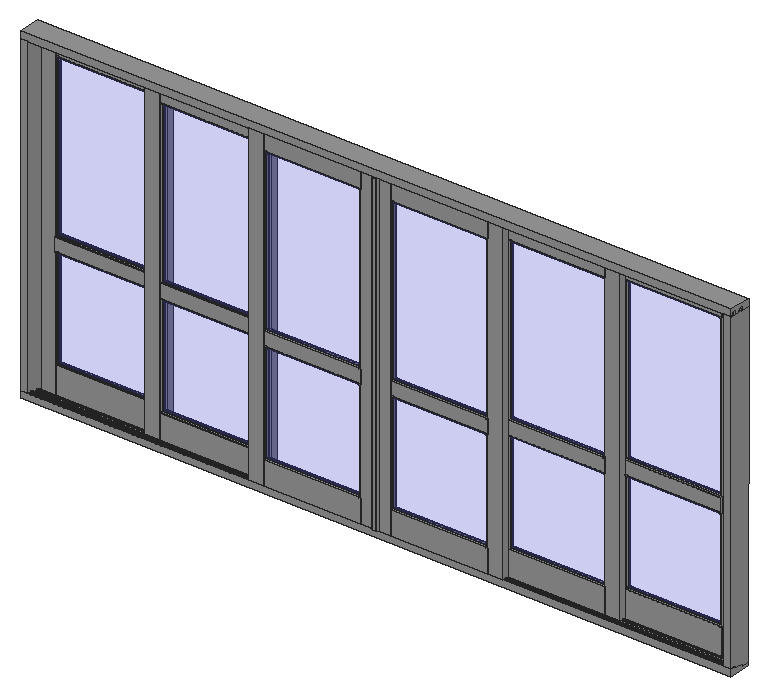
Revit family "VSD4.6G2COTS", category Doors, host Wall, Revit 2015
Parameters (values of type "VSD4.6G2COTS")
  Function = Interior
  Frame Projection Ext. = 25 mm
  Frame Projection Int. = 25 mm
  Frame Width = 75 mm
  Height = 2100 mm
  Wall Closure = By host
  Width = 4530 mm
Reference planes
  plane 1: y = 0
  plane 2 "Center (Left/Right)": x = 0
  plane 3 "Left": x = -2265
  plane 4 "Right": x = 2265
  plane 5: z = 2100
  plane 6 "Exterior": y = 75
  plane 7 "Interior": y = -75
  plane 8: x = 2115
  plane 9: x = 2220
  plane 10: x = 1515
  plane 11: x = 1410
  plane 12: x = 105
  plane 13: x = 0
  plane 14: x = 1410
  plane 15: x = 1515
  plane 16: x = 705
  plane 17: x = 810
  plane 18: x = 810
  plane 19: x = 705
  plane 20: x = -2115
  plane 21: x = -2220
  plane 22: x = -1515
  plane 23: x = -1410
  plane 24: x = -105
  plane 25: x = 0
  plane 26: x = -1410
  plane 27: x = -1515
  plane 28: x = -705
  plane 29: x = -810
  plane 30: x = -810
  plane 31: x = -705
Forms (mm)
  Extrusion 1, solid, material "Lauan, Meranti"
    sketch origin (0, 79.18, -119.746) x (0, 1, 0) y (0, 0, 1)
      loop
        line (-149.18, 119.746) -> (-9.18, 119.746) -> (-9.18, 140.746) -> (-61.18, 140.746) -> (-61.18, 151.746) -> (-85.18, 151.746) -> (-85.18, 152.746) -> (-117.18, 152.746) -> (-117.18, 163.746) -> (-141.18, 163.746) -> (-141.18, 164.746) -> (-149.18, 164.746) -> (-149.18, 119.746)
    from -2265 to 2265
  Extrusion 2, solid, material "Lauan, Meranti"
    sketch origin (0, 0, 0) x (0, 1, 0) y (0, 0, 1)
      loop
        line (70, 2100) -> (-70, 2100) -> (-70, 2055) -> (-61, 2055) -> (-61, 2075) -> (-39, 2075) -> (-39, 2055) -> (-5, 2055) -> (-5, 2075) -> (17, 2075) -> (17, 2055) -> (70, 2055) -> (70, 2100)
    from -2265 to 2265
  Extrusion 3, solid, material "Lauan, Meranti"
    sketch origin (0, 0, 0) x (1, 0, 0) y (0, 1, 0)
      loop
        line (-2265, 70) -> (-2265, -70) -> (-2220, -70) -> (-2220, 50) -> (-2222, 50) -> (-2222, 70) -> (-2265, 70)
      loop
        line (2265, 70) -> (2222, 70) -> (2222, 50) -> (2220, 50) -> (2220, -70) -> (2265, -70) -> (2265, 70)
    from 45 to 2055
  Extrusion 4, solid, material "Lauan, Meranti"
    sketch origin (0, 0, 0) x (1, 0, 0) y (0, 1, 0)
      loop
        line (-2220, 50) -> (-2222, 50) -> (-2222, 70) -> (-2265, 70) -> (-2265, -38) -> (-2220, -38) -> (-2220, 50)
      loop
        line (2220, 50) -> (2220, -38) -> (2265, -38) -> (2265, 70) -> (2222, 70) -> (2222, 50) -> (2220, 50)
    from 33 to 45
  Extrusion 5, solid, material "Steel, Chrome Plated"
    sketch origin (0, 0, 0) x (0, 1, 0) y (0, 0, 1)
      loop
        line (-38, 45) -> (-49, 45) -> (-49, 46.882)
        arc (-49, 46.882) -> (-50, 49.5) -> (-51, 46.882) r 1.5
        line (-51, 46.882) -> (-51, 45) -> (-62, 45) -> (-62, 44) -> (-38, 44) -> (-38, 45)
    from -2265 to 2265
  Extrusion 6, solid, material "Lauan, Meranti"
    sketch origin (0, 0, 0) x (1, 0, 0) y (0, 1, 0)
      loop
        line (-2265, 70) -> (-2265, 18) -> (-2220, 18) -> (-2220, 50) -> (-2222, 50) -> (-2222, 70) -> (-2265, 70)
      loop
        line (2265, 70) -> (2222, 70) -> (2222, 50) -> (2220, 50) -> (2220, 18) -> (2265, 18) -> (2265, 70)
    from 21 to 33
  Extrusion 7, solid, material "Steel, Chrome Plated"
    sketch origin (0, 0, 0) x (0, 1, 0) y (0, 0, 1)
      loop
        line (16.5, 2075) -> (-4.5, 2075) -> (-4.5, 2055) -> (-2.3, 2055) -> (-2.3, 2072.8) -> (14.3, 2072.8) -> (14.3, 2055) -> (16.5, 2055) -> (16.5, 2075)
    from -2265 to 2265
  Extrusion 8, solid, material "Steel, Chrome Plated"
    sketch origin (0, -56, 0) x (0, 1, 0) y (0, 0, 1)
      loop
        line (16.5, 2075) -> (-4.5, 2075) -> (-4.5, 2055) -> (-2.3, 2055) -> (-2.3, 2072.8) -> (14.3, 2072.8) -> (14.3, 2055) -> (16.5, 2055) -> (16.5, 2075)
    from -2265 to 2265
  Extrusion 9, solid, material "Steel, Chrome Plated"
    sketch origin (900, 56, -12) x (0, 1, 0) y (0, 0, 1)
      loop
        line (-38, 45) -> (-49, 45) -> (-49, 46.882)
        arc (-49, 46.882) -> (-50, 49.5) -> (-51, 46.882) r 1.5
        line (-51, 46.882) -> (-51, 45) -> (-62, 45) -> (-62, 44) -> (-38, 44) -> (-38, 45)
    from -195 to 1320
  Extrusion 10, solid, material "Lauan, Meranti"
    sketch origin (900, 0, 0) x (1, 0, 0) y (0, 1, 0)
      loop
        line (-804, -70) -> (-804, -68)
        arc (-804, -68) -> (-799.265, -66.44) -> (-797, -62) r 6.549
        line (-797, -62) -> (-795, -62) -> (-795, -60) -> (-804, -60) -> (-804, -30) -> (-900, -30) -> (-900, -70) -> (-804, -70)
      loop
        line (-186, -70) -> (-90, -70) -> (-90, -30) -> (-186, -30) -> (-186, -60) -> (-195, -60) -> (-195, -62) -> (-193, -62)
        arc (-193, -62) -> (-190.735, -66.44) -> (-186, -68) r 6.549
        line (-186, -68) -> (-186, -70)
    from 45 to 2055
  Extrusion 11, solid, material "Lauan, Meranti"
    sketch origin (2530, 104, 0) x (1, 0, 0) y (0, 1, 0)
      loop
        line (-406, -70) -> (-310, -70) -> (-310, -30) -> (-406, -30) -> (-406, -60) -> (-415, -60) -> (-415, -62) -> (-413, -62)
        arc (-413, -62) -> (-410.735, -66.44) -> (-406, -68) r 6.549
        line (-406, -68) -> (-406, -70)
      loop
        line (-1024, -70) -> (-1024, -68)
        arc (-1024, -68) -> (-1019.265, -66.44) -> (-1017, -62) r 6.549
        line (-1017, -62) -> (-1015, -62) -> (-1015, -60) -> (-1024, -60) -> (-1024, -30) -> (-1120, -30) -> (-1120, -70) -> (-1024, -70)
    from 21 to 2055
  Extrusion 12, solid, material "Lauan, Meranti"
    sketch origin (1715, 56, 0) x (1, 0, 0) y (0, 1, 0)
      loop
        line (-296, -70) -> (-200, -70) -> (-200, -30) -> (-296, -30) -> (-296, -60) -> (-305, -60) -> (-305, -62) -> (-303, -62)
        arc (-303, -62) -> (-300.735, -66.44) -> (-296, -68) r 6.549
        line (-296, -68) -> (-296, -70)
      loop
        line (-914, -70) -> (-914, -68)
        arc (-914, -68) -> (-909.265, -66.44) -> (-907, -62) r 6.549
        line (-907, -62) -> (-905, -62) -> (-905, -60) -> (-914, -60) -> (-914, -30) -> (-1010, -30) -> (-1010, -70) -> (-914, -70)
    from 33 to 2055
  Extrusion 13, solid, material "Steel, Chrome Plated"
    sketch origin (-900, 56, -12) x (0, 1, 0) y (0, 0, -1)
      loop
        line (-38, -45) -> (-38, -44) -> (-62, -44) -> (-62, -45) -> (-51, -45) -> (-51, -46.882)
        arc (-51, -46.882) -> (-50, -49.5) -> (-49, -46.882) r 1.5
        line (-49, -46.882) -> (-49, -45) -> (-38, -45)
    from -195 to 1320
  Extrusion 14, solid, material "Lauan, Meranti"
    sketch origin (-900, 0, 0) x (-1, 0, 0) y (0, -1, 0)
      loop
        line (-804, 70) -> (-900, 70) -> (-900, 30) -> (-804, 30) -> (-804, 60) -> (-795, 60) -> (-795, 62) -> (-797, 62)
        arc (-797, 62) -> (-799.265, 66.44) -> (-804, 68) r 6.549
        line (-804, 68) -> (-804, 70)
      loop
        line (-186, 70) -> (-186, 68)
        arc (-186, 68) -> (-190.735, 66.44) -> (-193, 62) r 6.549
        line (-193, 62) -> (-195, 62) -> (-195, 60) -> (-186, 60) -> (-186, 30) -> (-90, 30) -> (-90, 70) -> (-186, 70)
    from 45 to 2055
  Extrusion 15, solid, material "Lauan, Meranti"
    sketch origin (-2530, 104, 0) x (-1, 0, 0) y (0, -1, 0)
      loop
        line (-406, 70) -> (-406, 68)
        arc (-406, 68) -> (-410.735, 66.44) -> (-413, 62) r 6.549
        line (-413, 62) -> (-415, 62) -> (-415, 60) -> (-406, 60) -> (-406, 30) -> (-310, 30) -> (-310, 70) -> (-406, 70)
      loop
        line (-1024, 70) -> (-1120, 70) -> (-1120, 30) -> (-1024, 30) -> (-1024, 60) -> (-1015, 60) -> (-1015, 62) -> (-1017, 62)
        arc (-1017, 62) -> (-1019.265, 66.44) -> (-1024, 68) r 6.549
        line (-1024, 68) -> (-1024, 70)
    from 21 to 2055
  Extrusion 16, solid, material "Lauan, Meranti"
    sketch origin (-1715, 56, 0) x (-1, 0, 0) y (0, -1, 0)
      loop
        line (-296, 70) -> (-296, 68)
        arc (-296, 68) -> (-300.735, 66.44) -> (-303, 62) r 6.549
        line (-303, 62) -> (-305, 62) -> (-305, 60) -> (-296, 60) -> (-296, 30) -> (-200, 30) -> (-200, 70) -> (-296, 70)
      loop
        line (-914, 70) -> (-1010, 70) -> (-1010, 30) -> (-914, 30) -> (-914, 60) -> (-905, 60) -> (-905, 62) -> (-907, 62)
        arc (-907, 62) -> (-909.265, 66.44) -> (-914, 68) r 6.549
        line (-914, 68) -> (-914, 70)
    from 33 to 2055
  Extrusion 17, solid, material "Lauan, Meranti"
    sketch origin (4059.03, -54.5, 6) x (1, 0, 0) y (0, 1, 0)
      loop
        line (-4071.03, -25.5) -> (-4047.03, -25.5) -> (-4047.03, -23.5)
        arc (-4047.03, -23.5) -> (-4041.373, -21.157) -> (-4039.03, -15.5) r 8
        line (-4039.03, -15.5) -> (-4079.03, -15.5)
        arc (-4079.03, -15.5) -> (-4076.687, -21.157) -> (-4071.03, -23.5) r 8
        line (-4071.03, -23.5) -> (-4071.03, -25.5)
      loop
        line (-4071.03, 34.5) -> (-4071.03, 32.5)
        arc (-4071.03, 32.5) -> (-4076.687, 30.157) -> (-4079.03, 24.5) r 8
        line (-4079.03, 24.5) -> (-4039.03, 24.5)
        arc (-4039.03, 24.5) -> (-4041.373, 30.157) -> (-4047.03, 32.5) r 8
        line (-4047.03, 32.5) -> (-4047.03, 34.5) -> (-4071.03, 34.5)
    from 39 to 2049
  Extrusion 18, solid, material "Lauan, Meranti"
    sketch origin (-2185.468, 46.5, 0) x (0, 1, 0) y (0, 0, -1)
      loop
        arc (-4.5, -1952) -> (-8.866, -1954.33) -> (-10.5, -1959) r 6.807
        line (-10.5, -1959) -> (-12.5, -1959) -> (-12.5, -2055) -> (27.5, -2055) -> (27.5, -1959) -> (-2.5, -1959) -> (-2.5, -1950) -> (-4.5, -1950) -> (-4.5, -1952)
      loop
        line (-12.5, -192) -> (-10.5, -192)
        arc (-10.5, -192) -> (-8.866, -196.67) -> (-4.5, -199) r 6.807
        line (-4.5, -199) -> (-4.5, -201) -> (-2.5, -201) -> (-2.5, -192) -> (27.5, -192) -> (27.5, -21) -> (-12.5, -21) -> (-12.5, -192)
      loop
        line (-5.5, -930) -> (24.5, -930) -> (24.5, -843) -> (-5.5, -843) -> (-5.5, -834) -> (-7.5, -834) -> (-7.5, -836)
        arc (-7.5, -836) -> (-11.866, -838.33) -> (-13.5, -843) r 6.807
        line (-13.5, -843) -> (-15.5, -843) -> (-15.5, -930) -> (-13.5, -930)
        arc (-13.5, -930) -> (-11.866, -934.67) -> (-7.5, -937) r 6.807
        line (-7.5, -937) -> (-7.5, -939) -> (-5.5, -939) -> (-5.5, -930)
    from -679.468 to -61.468
  Sweep 19, solid, material "Lauan, Meranti"
    path origin (-1341.541, -71.95, -1407.63) x (-1, 0, 0) y (0, 0, -1)
      loop
        line (164.459, -3366.63) -> (782.459, -3366.63) -> (782.459, -2337.63) -> (164.459, -2337.63) -> (164.459, -3366.63)
    profile origin (-1815, -71.95, 1959) x (0, 0, -1) y (0, -1, 0)
      loop
        line (9, -124.5) -> (0, -124.5) -> (0, -132.5)
        arc (0, -132.5) -> (4.67, -130.866) -> (7, -126.5) r 6.807
        line (7, -126.5) -> (9, -126.5) -> (9, -124.5)
  Extrusion 20, solid, material "Glass"
    sketch origin (-1636.517, -61, -241.167) x (-1, 0, 0) y (0, 0, -1)
      loop
        line (-130.517, -2200.167) -> (487.483, -2200.167) -> (487.483, -1171.167) -> (-130.517, -1171.167) -> (-130.517, -2200.167)
      loop
        line (-130.517, -1084.167) -> (487.483, -1084.167) -> (487.483, -433.167) -> (-130.517, -433.167) -> (-130.517, -1084.167)
    from -112.5 to -106.1
  Sweep 21, solid, material "Lauan, Meranti"
    path origin (-1341.541, -71.95, -2523.63) x (-1, 0, 0) y (0, 0, -1)
      loop
        line (164.459, -3366.63) -> (782.459, -3366.63) -> (782.459, -2715.63) -> (164.459, -2715.63) -> (164.459, -3366.63)
    profile origin (-1815, -71.95, 843) x (0, 0, -1) y (0, -1, 0)
      loop
        line (9, -124.5) -> (0, -124.5) -> (0, -132.5)
        arc (0, -132.5) -> (4.67, -130.866) -> (7, -126.5) r 6.807
        line (7, -126.5) -> (9, -126.5) -> (9, -124.5)
  Extrusion 22, solid, material "Lauan, Meranti"
    sketch origin (-1315.468, 46.5, 0) x (0, 1, 0) y (0, 0, -1)
      loop
        arc (-52.5, -1952) -> (-56.866, -1954.33) -> (-58.5, -1959) r 6.807
        line (-58.5, -1959) -> (-60.5, -1959) -> (-60.5, -2055) -> (-20.5, -2055) -> (-20.5, -1959) -> (-50.5, -1959) -> (-50.5, -1950) -> (-52.5, -1950) -> (-52.5, -1952)
      loop
        line (-60.5, -192) -> (-58.5, -192)
        arc (-58.5, -192) -> (-56.866, -196.67) -> (-52.5, -199) r 6.807
        line (-52.5, -199) -> (-52.5, -201) -> (-50.5, -201) -> (-50.5, -192) -> (-20.5, -192) -> (-20.5, -33) -> (-60.5, -33) -> (-60.5, -192)
      loop
        line (-52, -930) -> (-22, -930) -> (-22, -843) -> (-52, -843) -> (-52, -834) -> (-54, -834) -> (-54, -836)
        arc (-54, -836) -> (-58.366, -838.33) -> (-60, -843) r 6.807
        line (-60, -843) -> (-62, -843) -> (-62, -930) -> (-60, -930)
        arc (-60, -930) -> (-58.366, -934.67) -> (-54, -937) r 6.807
        line (-54, -937) -> (-54, -939) -> (-52, -939) -> (-52, -930)
    from -514.468 to 103.532
  Sweep 23, solid, material "Lauan, Meranti"
    path origin (-636.531, -119.95, -1407.63) x (-1, 0, 0) y (0, 0, -1)
      loop
        line (164.469, -3366.63) -> (782.459, -3366.63) -> (782.459, -2337.63) -> (164.469, -2337.63) -> (164.469, -3366.63)
    profile origin (-1109.995, -119.95, 1959) x (0, 0, -1) y (0, -1, 0)
      loop
        line (9, -124.5) -> (0, -124.5) -> (0, -132.5)
        arc (0, -132.5) -> (4.67, -130.866) -> (7, -126.5) r 6.807
        line (7, -126.5) -> (9, -126.5) -> (9, -124.5)
  Extrusion 24, solid, material "Glass"
    sketch origin (-931.507, -109, -241.167) x (-1, 0, 0) y (0, 0, -1)
      loop
        line (-130.507, -2200.167) -> (487.483, -2200.167) -> (487.483, -1171.167) -> (-130.507, -1171.167) -> (-130.507, -2200.167)
      loop
        line (-130.507, -1084.167) -> (487.483, -1084.167) -> (487.483, -433.508) -> (-130.507, -433.508) -> (-130.507, -1084.167)
    from -112.5 to -106.1
  Sweep 25, solid, material "Lauan, Meranti"
    path origin (-636.531, -119.95, -2523.63) x (-1, 0, 0) y (0, 0, -1)
      loop
        line (164.469, -3366.63) -> (782.459, -3366.63) -> (782.459, -2715.63) -> (164.469, -2715.63) -> (164.469, -3366.63)
    profile origin (-1109.995, -119.95, 843) x (0, 0, -1) y (0, -1, 0)
      loop
        line (9, -124.5) -> (0, -124.5) -> (0, -132.5)
        arc (0, -132.5) -> (4.67, -130.866) -> (7, -126.5) r 6.807
        line (7, -126.5) -> (9, -126.5) -> (9, -124.5)
  Extrusion 26, solid, material "Lauan, Meranti"
    sketch origin (-505.468, 46.5, 0) x (0, 1, 0) y (0, 0, -1)
      loop
        arc (-108.5, -1952) -> (-112.866, -1954.33) -> (-114.5, -1959) r 6.807
        line (-114.5, -1959) -> (-116.5, -1959) -> (-116.5, -2055) -> (-76.5, -2055) -> (-76.5, -1959) -> (-106.5, -1959) -> (-106.5, -1950) -> (-108.5, -1950) -> (-108.5, -1952)
      loop
        line (-116.5, -192) -> (-114.5, -192)
        arc (-114.5, -192) -> (-112.866, -196.67) -> (-108.5, -199) r 6.807
        line (-108.5, -199) -> (-108.5, -201) -> (-106.5, -201) -> (-106.5, -192) -> (-76.5, -192) -> (-76.5, -45) -> (-116.5, -45) -> (-116.5, -192)
      loop
        line (-76.5, -930) -> (-76.5, -843) -> (-106.5, -843) -> (-106.5, -834) -> (-108.5, -834) -> (-108.5, -836)
        arc (-108.5, -836) -> (-112.866, -838.33) -> (-114.5, -843) r 6.807
        line (-114.5, -843) -> (-116.5, -843) -> (-116.5, -930) -> (-114.5, -930)
        arc (-114.5, -930) -> (-112.866, -934.67) -> (-108.5, -937) r 6.807
        line (-108.5, -937) -> (-108.5, -939) -> (-106.5, -939) -> (-106.5, -930) -> (-76.5, -930)
    from -409.468 to 208.532
  Sweep 27, solid, material "Lauan, Meranti"
    path origin (68.469, -175.95, -1407.63) x (-1, 0, 0) y (0, 0, -1)
      loop
        line (164.469, -3366.63) -> (782.459, -3366.63) -> (782.459, -2337.63) -> (164.469, -2337.63) -> (164.469, -3366.63)
    profile origin (-404.995, -175.95, 1959) x (0, 0, -1) y (0, -1, 0)
      loop
        line (9, -124.5) -> (0, -124.5) -> (0, -132.5)
        arc (0, -132.5) -> (4.67, -130.866) -> (7, -126.5) r 6.807
        line (7, -126.5) -> (9, -126.5) -> (9, -124.5)
  Extrusion 28, solid, material "Glass"
    sketch origin (-226.507, -165, -241.167) x (-1, 0, 0) y (0, 0, -1)
      loop
        line (-130.507, -2200.167) -> (487.483, -2200.167) -> (487.483, -1171.167) -> (-130.507, -1171.167) -> (-130.507, -2200.167)
      loop
        line (-130.507, -1084.167) -> (487.483, -1084.167) -> (487.483, -431.005) -> (-130.507, -431.005) -> (-130.507, -1084.167)
    from -112.5 to -106.1
  Sweep 29, solid, material "Lauan, Meranti"
    path origin (68.469, -175.95, -2523.63) x (-1, 0, 0) y (0, 0, -1)
      loop
        line (164.469, -3366.63) -> (782.459, -3366.63) -> (782.459, -2715.63) -> (164.469, -2715.63) -> (164.469, -3366.63)
    profile origin (-404.995, -175.95, 843) x (0, 0, -1) y (0, -1, 0)
      loop
        line (9, -124.5) -> (0, -124.5) -> (0, -132.5)
        arc (0, -132.5) -> (4.67, -130.866) -> (7, -126.5) r 6.807
        line (7, -126.5) -> (9, -126.5) -> (9, -124.5)
  Extrusion 30, solid, material "Lauan, Meranti"
    sketch origin (2185.468, 46.5, 0) x (0, 1, 0) y (0, 0, 1)
      loop
        line (-4.5, 1952) -> (-4.5, 1950) -> (-2.5, 1950) -> (-2.5, 1959) -> (27.5, 1959) -> (27.5, 2055) -> (-12.5, 2055) -> (-12.5, 1959) -> (-10.5, 1959)
        arc (-10.5, 1959) -> (-8.866, 1954.33) -> (-4.5, 1952) r 6.807
      loop
        line (-12.5, 192) -> (-12.5, 21) -> (27.5, 21) -> (27.5, 192) -> (-2.5, 192) -> (-2.5, 201) -> (-4.5, 201) -> (-4.5, 199)
        arc (-4.5, 199) -> (-8.866, 196.67) -> (-10.5, 192) r 6.807
        line (-10.5, 192) -> (-12.5, 192)
      loop
        line (-5.5, 930) -> (-5.5, 939) -> (-7.5, 939) -> (-7.5, 937)
        arc (-7.5, 937) -> (-11.866, 934.67) -> (-13.5, 930) r 6.807
        line (-13.5, 930) -> (-15.5, 930) -> (-15.5, 843) -> (-13.5, 843)
        arc (-13.5, 843) -> (-11.866, 838.33) -> (-7.5, 836) r 6.807
        line (-7.5, 836) -> (-7.5, 834) -> (-5.5, 834) -> (-5.5, 843) -> (24.5, 843) -> (24.5, 930) -> (-5.5, 930)
    from -679.468 to -61.468
  Sweep 31, solid, material "Lauan, Meranti"
    path origin (1341.541, -71.95, -1407.63) x (1, 0, 0) y (0, 0, 1)
      loop
        line (164.459, 3366.63) -> (164.459, 2337.63) -> (782.459, 2337.63) -> (782.459, 3366.63) -> (164.459, 3366.63)
    profile origin (1815, -71.95, 1959) x (0, 0, 1) y (0, -1, 0)
      loop
        line (-9, -124.5) -> (-9, -126.5) -> (-7, -126.5)
        arc (-7, -126.5) -> (-4.67, -130.866) -> (0, -132.5) r 6.807
        line (0, -132.5) -> (0, -124.5) -> (-9, -124.5)
  Extrusion 32, solid, material "Glass"
    sketch origin (1636.517, -61, -241.167) x (1, 0, 0) y (0, 0, 1)
      loop
        line (-130.517, 2200.167) -> (-130.517, 1171.167) -> (487.483, 1171.167) -> (487.483, 2200.167) -> (-130.517, 2200.167)
      loop
        line (-130.517, 1084.167) -> (-130.517, 433.167) -> (487.483, 433.167) -> (487.483, 1084.167) -> (-130.517, 1084.167)
    from -112.5 to -106.1
  Sweep 33, solid, material "Lauan, Meranti"
    path origin (1341.541, -71.95, -2523.63) x (1, 0, 0) y (0, 0, 1)
      loop
        line (164.459, 3366.63) -> (164.459, 2715.63) -> (782.459, 2715.63) -> (782.459, 3366.63) -> (164.459, 3366.63)
    profile origin (1815, -71.95, 843) x (0, 0, 1) y (0, -1, 0)
      loop
        line (-9, -124.5) -> (-9, -126.5) -> (-7, -126.5)
        arc (-7, -126.5) -> (-4.67, -130.866) -> (0, -132.5) r 6.807
        line (0, -132.5) -> (0, -124.5) -> (-9, -124.5)
  Extrusion 34, solid, material "Lauan, Meranti"
    sketch origin (1315.468, 46.5, 0) x (0, 1, 0) y (0, 0, 1)
      loop
        line (-52.5, 1952) -> (-52.5, 1950) -> (-50.5, 1950) -> (-50.5, 1959) -> (-20.5, 1959) -> (-20.5, 2055) -> (-60.5, 2055) -> (-60.5, 1959) -> (-58.5, 1959)
        arc (-58.5, 1959) -> (-56.866, 1954.33) -> (-52.5, 1952) r 6.807
      loop
        line (-60.5, 192) -> (-60.5, 33) -> (-20.5, 33) -> (-20.5, 192) -> (-50.5, 192) -> (-50.5, 201) -> (-52.5, 201) -> (-52.5, 199)
        arc (-52.5, 199) -> (-56.866, 196.67) -> (-58.5, 192) r 6.807
        line (-58.5, 192) -> (-60.5, 192)
      loop
        line (-52, 930) -> (-52, 939) -> (-54, 939) -> (-54, 937)
        arc (-54, 937) -> (-58.366, 934.67) -> (-60, 930) r 6.807
        line (-60, 930) -> (-62, 930) -> (-62, 843) -> (-60, 843)
        arc (-60, 843) -> (-58.366, 838.33) -> (-54, 836) r 6.807
        line (-54, 836) -> (-54, 834) -> (-52, 834) -> (-52, 843) -> (-22, 843) -> (-22, 930) -> (-52, 930)
    from -514.468 to 103.532
  Sweep 35, solid, material "Lauan, Meranti"
    path origin (636.531, -119.95, -1407.63) x (1, 0, 0) y (0, 0, 1)
      loop
        line (164.469, 3366.63) -> (164.469, 2337.63) -> (782.459, 2337.63) -> (782.459, 3366.63) -> (164.469, 3366.63)
    profile origin (1109.995, -119.95, 1959) x (0, 0, 1) y (0, -1, 0)
      loop
        line (-9, -124.5) -> (-9, -126.5) -> (-7, -126.5)
        arc (-7, -126.5) -> (-4.67, -130.866) -> (0, -132.5) r 6.807
        line (0, -132.5) -> (0, -124.5) -> (-9, -124.5)
  Extrusion 36, solid, material "Glass"
    sketch origin (931.507, -109, -241.167) x (1, 0, 0) y (0, 0, 1)
      loop
        line (-130.507, 2200.167) -> (-130.507, 1171.167) -> (487.483, 1171.167) -> (487.483, 2200.167) -> (-130.507, 2200.167)
      loop
        line (-130.507, 1084.167) -> (-130.507, 433.508) -> (487.483, 433.508) -> (487.483, 1084.167) -> (-130.507, 1084.167)
    from -112.5 to -106.1
  Sweep 37, solid, material "Lauan, Meranti"
    path origin (636.531, -119.95, -2523.63) x (1, 0, 0) y (0, 0, 1)
      loop
        line (164.469, 3366.63) -> (164.469, 2715.63) -> (782.459, 2715.63) -> (782.459, 3366.63) -> (164.469, 3366.63)
    profile origin (1109.995, -119.95, 843) x (0, 0, 1) y (0, -1, 0)
      loop
        line (-9, -124.5) -> (-9, -126.5) -> (-7, -126.5)
        arc (-7, -126.5) -> (-4.67, -130.866) -> (0, -132.5) r 6.807
        line (0, -132.5) -> (0, -124.5) -> (-9, -124.5)
  Extrusion 38, solid, material "Lauan, Meranti"
    sketch origin (505.468, 46.5, 0) x (0, 1, 0) y (0, 0, 1)
      loop
        line (-108.5, 1952) -> (-108.5, 1950) -> (-106.5, 1950) -> (-106.5, 1959) -> (-76.5, 1959) -> (-76.5, 2055) -> (-116.5, 2055) -> (-116.5, 1959) -> (-114.5, 1959)
        arc (-114.5, 1959) -> (-112.866, 1954.33) -> (-108.5, 1952) r 6.807
      loop
        line (-116.5, 192) -> (-116.5, 45) -> (-76.5, 45) -> (-76.5, 192) -> (-106.5, 192) -> (-106.5, 201) -> (-108.5, 201) -> (-108.5, 199)
        arc (-108.5, 199) -> (-112.866, 196.67) -> (-114.5, 192) r 6.807
        line (-114.5, 192) -> (-116.5, 192)
      loop
        line (-76.5, 930) -> (-106.5, 930) -> (-106.5, 939) -> (-108.5, 939) -> (-108.5, 937)
        arc (-108.5, 937) -> (-112.866, 934.67) -> (-114.5, 930) r 6.807
        line (-114.5, 930) -> (-116.5, 930) -> (-116.5, 843) -> (-114.5, 843)
        arc (-114.5, 843) -> (-112.866, 838.33) -> (-108.5, 836) r 6.807
        line (-108.5, 836) -> (-108.5, 834) -> (-106.5, 834) -> (-106.5, 843) -> (-76.5, 843) -> (-76.5, 930)
    from -409.468 to 208.532
  Sweep 39, solid, material "Lauan, Meranti"
    path origin (-68.469, -175.95, -1407.63) x (1, 0, 0) y (0, 0, 1)
      loop
        line (164.469, 3366.63) -> (164.469, 2337.63) -> (782.459, 2337.63) -> (782.459, 3366.63) -> (164.469, 3366.63)
    profile origin (404.995, -175.95, 1959) x (0, 0, 1) y (0, -1, 0)
      loop
        line (-9, -124.5) -> (-9, -126.5) -> (-7, -126.5)
        arc (-7, -126.5) -> (-4.67, -130.866) -> (0, -132.5) r 6.807
        line (0, -132.5) -> (0, -124.5) -> (-9, -124.5)
  Extrusion 40, solid, material "Glass"
    sketch origin (226.507, -165, -241.167) x (1, 0, 0) y (0, 0, 1)
      loop
        line (-130.507, 2200.167) -> (-130.507, 1171.167) -> (487.483, 1171.167) -> (487.483, 2200.167) -> (-130.507, 2200.167)
      loop
        line (-130.507, 1084.167) -> (-130.507, 431.005) -> (487.483, 431.005) -> (487.483, 1084.167) -> (-130.507, 1084.167)
    from -112.5 to -106.1
  Sweep 41, solid, material "Lauan, Meranti"
    path origin (-68.469, -175.95, -2523.63) x (1, 0, 0) y (0, 0, 1)
      loop
        line (164.469, 3366.63) -> (164.469, 2715.63) -> (782.459, 2715.63) -> (782.459, 3366.63) -> (164.469, 3366.63)
    profile origin (404.995, -175.95, 843) x (0, 0, 1) y (0, -1, 0)
      loop
        line (-9, -124.5) -> (-9, -126.5) -> (-7, -126.5)
        arc (-7, -126.5) -> (-4.67, -130.866) -> (0, -132.5) r 6.807
        line (0, -132.5) -> (0, -124.5) -> (-9, -124.5)
Cuts and joins
  joined: Extrusion 3, Extrusion 4, Extrusion 6
Lines and regions (mm)
  Opening 1
    outline origin (-3050, -75, 0) x (1, 0, 0) y (0, 0, 1)
      loop
        line (785, 0) -> (5315, 0) -> (5315, 2100) -> (785, 2100) -> (785, 0)
  model lines
    curve 1: line (900.77, 99.5, 1050) -> (1185.77, 99.5, 1050)
    curve 2: line (1324.847, 99.5, 1050) -> (1185.77, 99.5, 1106.191)
    curve 3: line (1185.77, 99.5, 1106.191) -> (1185.77, 99.5, 993.809)
    curve 4: line (1324.847, 99.5, 1050) -> (1185.77, 99.5, 993.809)
    curve 5: line (195.77, 99.5, 1050) -> (480.77, 99.5, 1050)
    curve 6: line (619.847, 99.5, 1050) -> (480.77, 99.5, 1106.191)
    curve 7: line (480.77, 99.5, 1106.191) -> (480.77, 99.5, 993.809)
    curve 8: line (619.847, 99.5, 1050) -> (480.77, 99.5, 993.809)
    curve 9: line (-900.77, 99.5, 1050) -> (-1185.77, 99.5, 1050)
    curve 10: line (-1324.847, 99.5, 1050) -> (-1185.77, 99.5, 1106.191)
    curve 11: line (-1185.77, 99.5, 1106.191) -> (-1185.77, 99.5, 993.809)
    curve 12: line (-1324.847, 99.5, 1050) -> (-1185.77, 99.5, 993.809)
    curve 13: line (-195.77, 99.5, 1050) -> (-480.77, 99.5, 1050)
    curve 14: line (-619.847, 99.5, 1050) -> (-480.77, 99.5, 1106.191)
    curve 15: line (-480.77, 99.5, 1106.191) -> (-480.77, 99.5, 993.809)
    curve 16: line (-619.847, 99.5, 1050) -> (-480.77, 99.5, 993.809)
Text (mm)
  text "Exterior" at (-2295.016, 1099.543, 0), in view "Ref. Level"
  text "Exterior" at (0, 1615.38, 3698.081), in view "Left"
  text "Exterior" at (0, 1036.032, 3874.932), in view "Right"
Dimensions and locks
  equal spacing: plane 3 "Left", plane 2 "Center (Left/Right)", plane 4 "Right"
  "Width": plane 3 "Left" to plane 4 "Right"
  "Height": plane 5 to host wall
  host wall to plane 5 = 2100 mm  (x2)
  locked: plane 6 "Exterior" to host wall at 0
  locked: plane 7 "Interior" to host wall
  plane 3 "Left" to plane 4 "Right" = 4530 mm
  aligned and locked: plane 3 "Left" to Opening 1 sketch curve
  aligned and locked: plane 5 to Opening 1 sketch curve  (x2)
  aligned and locked: Opening 1 sketch curve to plane 4 "Right"
  aligned and locked: Opening 1 sketch curve to level
  aligned and locked: host wall to plane 1
  aligned and locked: Extrusion 1 to host wall  (x2)
  aligned and locked: Extrusion 2 to host wall  (x2)
  aligned and locked: Extrusion 18 to Extrusion 15
  aligned and locked: Extrusion 22 to Extrusion 16
  aligned and locked: Extrusion 26 to Extrusion 14
Automatic sketch dimensions
  Extrusion 1 sketch curve to level = 0 mm
  Extrusion 1 sketch curve to host wall = 5 mm  (x2)
  Extrusion 1 sketch curve to Extrusion 1 sketch curve = 8 mm
  Extrusion 1 sketch curve to Extrusion 1 sketch curve = 24 mm
  host wall to Extrusion 1 sketch curve = 6 mm
  Extrusion 1 sketch curve to host wall = 18 mm
  level to Extrusion 1 sketch curve = 21 mm
  Extrusion 1 sketch curve to Extrusion 1 sketch curve = 11 mm  (x2)
  Extrusion 1 sketch curve to Extrusion 1 sketch curve = 1 mm  (x2)
  plane 5 to Extrusion 2 sketch curve = 0 mm
  Extrusion 2 sketch curve to host wall = 5 mm  (x2)
  Extrusion 2 sketch curve to Extrusion 2 sketch curve = 9 mm
  Extrusion 2 sketch curve to Extrusion 2 sketch curve = 22 mm
  host wall to Extrusion 2 sketch curve = 5 mm
  Extrusion 2 sketch curve to host wall = 17 mm
  plane 5 to Extrusion 2 sketch curve = 25 mm  (x2)
  Extrusion 2 sketch curve to Extrusion 2 sketch curve = 20 mm  (x3)
  Extrusion 3 sketch curve to plane 3 "Left" = 0 mm
  Extrusion 3 sketch curve to plane 4 "Right" = 0 mm
  Extrusion 3 sketch curve to plane 3 "Left" = 43 mm
  Extrusion 3 sketch curve to host wall = 5 mm  (x4)
  Extrusion 3 sketch curve to Extrusion 3 sketch curve = 45 mm
  plane 4 "Right" to Extrusion 3 sketch curve = 45 mm
  Extrusion 3 sketch curve to Extrusion 3 sketch curve = 2 mm
  Extrusion 3 sketch curve to host wall = 25 mm  (x2)
  Extrusion 4 sketch curve to plane 3 "Left" = 0 mm
  Extrusion 4 sketch curve to plane 4 "Right" = 0 mm
  Extrusion 4 sketch curve to plane 3 "Left" = 43 mm
  Extrusion 4 sketch curve to Extrusion 4 sketch curve = 2 mm  (x2)
  plane 4 "Right" to Extrusion 4 sketch curve = 45 mm
  Extrusion 4 sketch curve to host wall = 5 mm  (x2)
  Extrusion 4 sketch curve to host wall = 25 mm
  Extrusion 4 sketch curve to Extrusion 4 sketch curve = 20 mm
  Extrusion 4 sketch curve to host wall = 37 mm  (x2)
  curve 10 to plane 3 "Left" = 940.153 mm
  curve 10 to curve 10 = 139.078 mm
  curve 9 to curve 16 = 565.922 mm
  curve 14 to curve 15 = 139.078 mm
  plane 2 "Center (Left/Right)" to curve 7 = 480.77 mm
  curve 5 to curve 6 = 139.078 mm
  curve 6 to curve 3 = 565.922 mm
  curve 1 to curve 2 = 139.078 mm
  level to curve 7 = 993.809 mm
  curve 16 to curve 7 = 0 mm
  curve 4 to curve 7 = 0 mm
  curve 11 to curve 15 = 0 mm
  curve 7 to curve 8 = 56.191 mm
  curve 11 to curve 10 = 56.191 mm
  curve 3 to curve 4 = 56.191 mm
  curve 15 to curve 14 = 56.191 mm
  curve 15 to curve 15 = 112.382 mm
  curve 11 to curve 11 = 112.382 mm
  curve 7 to curve 7 = 112.382 mm
  curve 3 to curve 3 = 112.382 mm
  curve 9 to curve 14 = 280.922 mm
  curve 13 to plane 2 "Center (Left/Right)" = 195.77 mm
  plane 2 "Center (Left/Right)" to curve 5 = 195.77 mm
  curve 6 to curve 1 = 280.922 mm
  curve 5 to curve 6 = 56.191 mm
  curve 11 to curve 9 = 56.191 mm
  curve 13 to curve 14 = 56.191 mm
  curve 3 to curve 1 = 56.191 mm
  Extrusion 5 sketch curve to host wall = 13 mm
  Extrusion 5 sketch curve to Extrusion 5 sketch curve = 11 mm  (x2)
  Extrusion 5 sketch curve to Extrusion 5 sketch curve = 1 mm  (x4)
  level to Extrusion 5 sketch curve = 44 mm
  Extrusion 5 sketch curve to Extrusion 5 sketch curve = 1.882 mm
  Extrusion 5 sketch curve to Extrusion 5 sketch curve = 1.118 mm
  Extrusion 6 sketch curve to plane 3 "Left" = 0 mm
  Extrusion 6 sketch curve to plane 4 "Right" = 0 mm
  Extrusion 6 sketch curve to host wall = 5 mm  (x2)
  Extrusion 6 sketch curve to plane 3 "Left" = 43 mm
  Extrusion 6 sketch curve to Extrusion 6 sketch curve = 2 mm  (x2)
  Extrusion 6 sketch curve to host wall = 18 mm  (x2)
  Extrusion 6 sketch curve to Extrusion 6 sketch curve = 45 mm
  Extrusion 6 sketch curve to Extrusion 6 sketch curve = 20 mm
  Extrusion 6 sketch curve to host wall = 25 mm
  host wall to Extrusion 7 sketch curve = 4.5 mm
  host wall to Extrusion 7 sketch curve = 2.3 mm
  Extrusion 7 sketch curve to host wall = 14.3 mm
  Extrusion 7 sketch curve to Extrusion 7 sketch curve = 2.2 mm  (x2)
  plane 5 to Extrusion 7 sketch curve = 45 mm
  Extrusion 7 sketch curve to Extrusion 7 sketch curve = 0 mm
  Extrusion 7 sketch curve to Extrusion 7 sketch curve = 17.8 mm
  Extrusion 8 sketch curve to host wall = 14.5 mm
  Extrusion 8 sketch curve to Extrusion 8 sketch curve = 2.2 mm  (x3)
  Extrusion 8 sketch curve to Extrusion 8 sketch curve = 16.6 mm
  plane 5 to Extrusion 8 sketch curve = 45 mm
  Extrusion 8 sketch curve to Extrusion 8 sketch curve = 0 mm
  Extrusion 8 sketch curve to Extrusion 8 sketch curve = 17.8 mm
  host wall to Extrusion 9 sketch curve = 6 mm
  Extrusion 9 sketch curve to host wall = 5 mm
  Extrusion 9 sketch curve to Extrusion 9 sketch curve = 1 mm  (x4)
  Extrusion 9 sketch curve to Extrusion 9 sketch curve = 11 mm
  level to Extrusion 9 sketch curve = 32 mm
  Extrusion 9 sketch curve to Extrusion 9 sketch curve = 1.882 mm
  Extrusion 9 sketch curve to Extrusion 9 sketch curve = 1.118 mm
  Extrusion 10 sketch curve to plane 2 "Center (Left/Right)" = 0 mm
  Extrusion 10 sketch curve to plane 12 = 0 mm
  Extrusion 10 sketch curve to plane 19 = 0 mm
  Extrusion 10 sketch curve to plane 18 = 0 mm
  Extrusion 10 sketch curve to plane 12 = 9 mm  (x2)
  Extrusion 10 sketch curve to Extrusion 10 sketch curve = 0.473 mm  (x3)
  Extrusion 10 sketch curve to Extrusion 10 sketch curve = 2 mm  (x5)
  Extrusion 10 sketch curve to Extrusion 10 sketch curve = 6.527 mm
  Extrusion 10 sketch curve to host wall = 5 mm  (x2)
  Extrusion 10 sketch curve to Extrusion 10 sketch curve = 6 mm  (x2)
  Extrusion 10 sketch curve to Extrusion 10 sketch curve = 1.468 mm
  Extrusion 10 sketch curve to Extrusion 10 sketch curve = 30 mm
  host wall to Extrusion 10 sketch curve = 30 mm
  Extrusion 11 sketch curve to plane 11 = 0 mm
  Extrusion 11 sketch curve to plane 10 = 0 mm
  Extrusion 11 sketch curve to plane 8 = 0 mm
  Extrusion 11 sketch curve to plane 9 = 0 mm
  Extrusion 11 sketch curve to Extrusion 11 sketch curve = 9 mm
  Extrusion 11 sketch curve to Extrusion 11 sketch curve = 0 mm
  Extrusion 11 sketch curve to Extrusion 11 sketch curve = 0.473 mm  (x2)
  Extrusion 11 sketch curve to Extrusion 11 sketch curve = 2 mm  (x6)
  Extrusion 11 sketch curve to Extrusion 11 sketch curve = 6.527 mm
  Extrusion 11 sketch curve to host wall = 1 mm  (x2)
  Extrusion 11 sketch curve to plane 8 = 9 mm
  Extrusion 11 sketch curve to host wall = 31 mm  (x2)
  Extrusion 11 sketch curve to Extrusion 11 sketch curve = 1.468 mm  (x2)
  Extrusion 12 sketch curve to plane 16 = 0 mm
  Extrusion 12 sketch curve to plane 17 = 0 mm
  Extrusion 12 sketch curve to plane 14 = 0 mm
  Extrusion 12 sketch curve to plane 15 = 0 mm
  host wall to Extrusion 12 sketch curve = 4 mm
  Extrusion 12 sketch curve to Extrusion 12 sketch curve = 9 mm
  Extrusion 12 sketch curve to Extrusion 12 sketch curve = 0 mm
  Extrusion 12 sketch curve to Extrusion 12 sketch curve = 0.473 mm  (x2)
  Extrusion 12 sketch curve to Extrusion 12 sketch curve = 2 mm  (x6)
  host wall to Extrusion 12 sketch curve = 5.468 mm
  Extrusion 12 sketch curve to Extrusion 12 sketch curve = 6.527 mm
  Extrusion 12 sketch curve to plane 14 = 9 mm
  Extrusion 12 sketch curve to Extrusion 12 sketch curve = 1.468 mm
  host wall to Extrusion 12 sketch curve = 6 mm
  Extrusion 12 sketch curve to host wall = 26 mm  (x2)
  host wall to Extrusion 13 sketch curve = 6 mm
  Extrusion 13 sketch curve to host wall = 5 mm
  Extrusion 13 sketch curve to Extrusion 13 sketch curve = 1 mm  (x3)
  Extrusion 13 sketch curve to Extrusion 13 sketch curve = 11 mm
  level to Extrusion 13 sketch curve = 36 mm
  Extrusion 13 sketch curve to Extrusion 13 sketch curve = 1.118 mm
  Extrusion 13 sketch curve to Extrusion 13 sketch curve = 1.882 mm  (x2)
  Extrusion 14 sketch curve to plane 2 "Center (Left/Right)" = 0 mm
  Extrusion 14 sketch curve to plane 24 = 0 mm
  Extrusion 14 sketch curve to plane 31 = 0 mm
  Extrusion 14 sketch curve to plane 30 = 0 mm
  Extrusion 14 sketch curve to plane 24 = 9 mm  (x2)
  Extrusion 14 sketch curve to Extrusion 14 sketch curve = 0.473 mm  (x3)
  Extrusion 14 sketch curve to Extrusion 14 sketch curve = 2 mm  (x4)
  Extrusion 14 sketch curve to Extrusion 14 sketch curve = 6.527 mm
  host wall to Extrusion 14 sketch curve = 30 mm  (x2)
  Extrusion 14 sketch curve to host wall = 15 mm  (x2)
  Extrusion 14 sketch curve to Extrusion 14 sketch curve = 1.468 mm  (x2)
  Extrusion 14 sketch curve to host wall = 5 mm  (x2)
  Extrusion 15 sketch curve to plane 23 = 0 mm
  Extrusion 15 sketch curve to plane 22 = 0 mm
  Extrusion 15 sketch curve to plane 20 = 0 mm
  Extrusion 15 sketch curve to plane 21 = 0 mm
  Extrusion 15 sketch curve to Extrusion 15 sketch curve = 9 mm
  Extrusion 15 sketch curve to Extrusion 15 sketch curve = 0 mm
  Extrusion 15 sketch curve to Extrusion 15 sketch curve = 0.473 mm  (x2)
  Extrusion 15 sketch curve to Extrusion 15 sketch curve = 2 mm  (x4)
  Extrusion 15 sketch curve to Extrusion 15 sketch curve = 6.527 mm
  Extrusion 15 sketch curve to host wall = 1 mm  (x2)
  Extrusion 15 sketch curve to plane 20 = 9 mm
  Extrusion 15 sketch curve to host wall = 31 mm
  Extrusion 15 sketch curve to Extrusion 15 sketch curve = 30 mm
  Extrusion 15 sketch curve to Extrusion 15 sketch curve = 1.468 mm  (x2)
  Extrusion 15 sketch curve to host wall = 34 mm  (x2)
  Extrusion 16 sketch curve to plane 28 = 0 mm
  Extrusion 16 sketch curve to plane 29 = 0 mm
  Extrusion 16 sketch curve to plane 26 = 0 mm
  Extrusion 16 sketch curve to plane 27 = 0 mm
  host wall to Extrusion 16 sketch curve = 4 mm
  Extrusion 16 sketch curve to Extrusion 16 sketch curve = 9 mm
  Extrusion 16 sketch curve to Extrusion 16 sketch curve = 0 mm
  Extrusion 16 sketch curve to Extrusion 16 sketch curve = 0.473 mm  (x2)
  Extrusion 16 sketch curve to Extrusion 16 sketch curve = 2 mm  (x4)
  host wall to Extrusion 16 sketch curve = 5.468 mm
  Extrusion 16 sketch curve to Extrusion 16 sketch curve = 6.527 mm
  Extrusion 16 sketch curve to plane 26 = 9 mm
  Extrusion 16 sketch curve to Extrusion 16 sketch curve = 1.468 mm  (x2)
  Extrusion 16 sketch curve to host wall = 26 mm  (x2)
  host wall to Extrusion 16 sketch curve = 14 mm  (x2)
  Extrusion 17 sketch curve to host wall = 5 mm
  Extrusion 17 sketch curve to plane 2 "Center (Left/Right)" = 20 mm  (x2)
  host wall to Extrusion 17 sketch curve = 3 mm  (x2)
  Extrusion 17 sketch curve to plane 2 "Center (Left/Right)" = 12 mm
  plane 2 "Center (Left/Right)" to Extrusion 17 sketch curve = 12 mm  (x2)
  Extrusion 17 sketch curve to Extrusion 17 sketch curve = 8 mm
  Extrusion 17 sketch curve to Extrusion 17 sketch curve = 2 mm  (x2)
  host wall to Extrusion 17 sketch curve = 30 mm
  Extrusion 18 sketch curve to host wall = 31 mm
  Extrusion 18 sketch curve to Extrusion 18 sketch curve = 2 mm  (x11)
  Extrusion 18 sketch curve to host wall = 34 mm  (x2)
  Extrusion 18 sketch curve to Extrusion 18 sketch curve = 6 mm  (x4)
  Extrusion 18 sketch curve to Extrusion 18 sketch curve = 0.803 mm  (x3)
  Extrusion 18 sketch curve to Extrusion 18 sketch curve = 1.197 mm
  Extrusion 18 sketch curve to Extrusion 18 sketch curve = 6.803 mm
  Extrusion 18 sketch curve to host wall = 4 mm
  Extrusion 18 sketch curve to host wall = 1 mm  (x2)
  plane 5 to Extrusion 18 sketch curve = 45 mm
  Extrusion 18 sketch curve to Extrusion 18 sketch curve = 96 mm
  Extrusion 18 sketch curve to Extrusion 18 sketch curve = 0 mm  (x2)
  Extrusion 18 sketch curve to Extrusion 18 sketch curve = 0.241 mm  (x4)
  level to Extrusion 18 sketch curve = 939 mm
  Extrusion 18 sketch curve to Extrusion 18 sketch curve = 6.759 mm  (x2)
  Extrusion 18 sketch curve to Extrusion 18 sketch curve = 87 mm
  level to Extrusion 18 sketch curve = 201 mm
  level to Extrusion 18 sketch curve = 21 mm
  Sweep 19 sketch curve to plane 3 "Left" = 759 mm
  Sweep 19 sketch curve to plane 3 "Left" = 141 mm
  plane 5 to Sweep 19 sketch curve = 141 mm
  level to Sweep 19 sketch curve = 930 mm
  Sweep 19 sketch curve to profile plane = 0 mm
  Sweep 19 sketch curve to profile plane = 0.241 mm
  Sweep 19 sketch curve to Sweep 19 sketch curve = 6.759 mm
  Sweep 19 sketch curve to Sweep 19 sketch curve = 2 mm  (x2)
  Sweep 19 sketch curve to profile plane = 132.5 mm
  Sweep 19 sketch curve to Sweep 19 sketch curve = 6 mm
  plane 5 to Extrusion 20 sketch curve = 141 mm
  Extrusion 20 sketch curve to plane 3 "Left" = 759 mm
  level to Extrusion 20 sketch curve = 192 mm
  Extrusion 20 sketch curve to Extrusion 20 sketch curve = 0 mm
  Extrusion 20 sketch curve to plane 3 "Left" = 141 mm  (x2)
  Extrusion 20 sketch curve to Extrusion 20 sketch curve = 738 mm
  Extrusion 20 sketch curve to Extrusion 20 sketch curve = 87 mm
  level to Sweep 21 sketch curve = 192 mm
  Sweep 21 sketch curve to plane 3 "Left" = 759 mm
  Sweep 21 sketch curve to plane 3 "Left" = 141 mm
  Sweep 21 sketch curve to Sweep 21 sketch curve = 651 mm
  Sweep 21 sketch curve to profile plane = 0 mm
  Sweep 21 sketch curve to profile plane = 0.241 mm
  Sweep 21 sketch curve to Sweep 21 sketch curve = 6.759 mm
  Sweep 21 sketch curve to Sweep 21 sketch curve = 2 mm  (x2)
  Sweep 21 sketch curve to profile plane = 132.5 mm
  Sweep 21 sketch curve to Sweep 21 sketch curve = 6 mm
  host wall to Extrusion 22 sketch curve = 15.5 mm
  host wall to Extrusion 22 sketch curve = 14 mm  (x2)
  Extrusion 22 sketch curve to Extrusion 22 sketch curve = 2 mm  (x9)
  host wall to Extrusion 22 sketch curve = 7.5 mm  (x2)
  host wall to Extrusion 22 sketch curve = 6.697 mm  (x2)
  host wall to Extrusion 22 sketch curve = 6 mm  (x2)
  Extrusion 22 sketch curve to Extrusion 22 sketch curve = 1.197 mm  (x3)
  host wall to Extrusion 22 sketch curve = 5.197 mm  (x2)
  Extrusion 22 sketch curve to host wall = 24.5 mm
  Extrusion 22 sketch curve to host wall = 26 mm  (x2)
  plane 5 to Extrusion 22 sketch curve = 45 mm
  Extrusion 22 sketch curve to Extrusion 22 sketch curve = 96 mm
  Extrusion 22 sketch curve to Extrusion 22 sketch curve = 0 mm  (x2)
  Extrusion 22 sketch curve to Extrusion 22 sketch curve = 0.241 mm  (x4)
  level to Extrusion 22 sketch curve = 939 mm
  Extrusion 22 sketch curve to Extrusion 22 sketch curve = 6.759 mm  (x2)
  Extrusion 22 sketch curve to Extrusion 22 sketch curve = 87 mm
  level to Extrusion 22 sketch curve = 201 mm
  level to Extrusion 22 sketch curve = 33 mm
  Sweep 23 sketch curve to plane 2 "Center (Left/Right)" = 801 mm
  Sweep 23 sketch curve to Sweep 23 sketch curve = 617.99 mm
  plane 5 to Sweep 23 sketch curve = 141 mm
  level to Sweep 23 sketch curve = 930 mm
  Sweep 23 sketch curve to profile plane = 0 mm
  Sweep 23 sketch curve to profile plane = 0.241 mm
  Sweep 23 sketch curve to Sweep 23 sketch curve = 6.759 mm
  Sweep 23 sketch curve to Sweep 23 sketch curve = 2 mm  (x2)
  Sweep 23 sketch curve to profile plane = 132.5 mm
  Sweep 23 sketch curve to Sweep 23 sketch curve = 6 mm
  plane 5 to Extrusion 24 sketch curve = 141 mm
  Extrusion 24 sketch curve to plane 2 "Center (Left/Right)" = 801 mm
  level to Extrusion 24 sketch curve = 192.342 mm
  Extrusion 24 sketch curve to Extrusion 24 sketch curve = 0 mm
  Extrusion 24 sketch curve to Extrusion 24 sketch curve = 617.99 mm  (x2)
  Extrusion 24 sketch curve to Extrusion 24 sketch curve = 737.658 mm
  Extrusion 24 sketch curve to Extrusion 24 sketch curve = 87 mm
  level to Sweep 25 sketch curve = 192 mm
  Sweep 25 sketch curve to plane 2 "Center (Left/Right)" = 801 mm
  Sweep 25 sketch curve to Sweep 25 sketch curve = 617.99 mm
  Sweep 25 sketch curve to Sweep 25 sketch curve = 651 mm
  Sweep 25 sketch curve to profile plane = 0 mm
  Sweep 25 sketch curve to profile plane = 0.241 mm
  Sweep 25 sketch curve to Sweep 25 sketch curve = 6.759 mm
  Sweep 25 sketch curve to Sweep 25 sketch curve = 2 mm  (x2)
  Sweep 25 sketch curve to profile plane = 132.5 mm
  Sweep 25 sketch curve to Sweep 25 sketch curve = 6 mm
  Extrusion 26 sketch curve to host wall = 5 mm  (x3)
  Extrusion 26 sketch curve to Extrusion 26 sketch curve = 2 mm  (x11)
  Extrusion 26 sketch curve to Extrusion 26 sketch curve = 6 mm  (x4)
  Extrusion 26 sketch curve to Extrusion 26 sketch curve = 0.803 mm  (x3)
  Extrusion 26 sketch curve to Extrusion 26 sketch curve = 6.803 mm
  Extrusion 26 sketch curve to Extrusion 26 sketch curve = 1.197 mm
  host wall to Extrusion 26 sketch curve = 30 mm  (x2)
  Extrusion 26 sketch curve to Extrusion 26 sketch curve = 30 mm
  plane 5 to Extrusion 26 sketch curve = 45 mm
  Extrusion 26 sketch curve to Extrusion 26 sketch curve = 96 mm
  Extrusion 26 sketch curve to Extrusion 26 sketch curve = 0 mm  (x2)
  Extrusion 26 sketch curve to Extrusion 26 sketch curve = 0.241 mm  (x4)
  level to Extrusion 26 sketch curve = 939 mm
  Extrusion 26 sketch curve to Extrusion 26 sketch curve = 6.759 mm  (x2)
  Extrusion 26 sketch curve to Extrusion 26 sketch curve = 87 mm
  level to Extrusion 26 sketch curve = 201 mm
  level to Extrusion 26 sketch curve = 45 mm
  Sweep 27 sketch curve to plane 2 "Center (Left/Right)" = 96 mm
  Sweep 27 sketch curve to Sweep 27 sketch curve = 617.99 mm
  plane 5 to Sweep 27 sketch curve = 141 mm
  level to Sweep 27 sketch curve = 930 mm
  Sweep 27 sketch curve to profile plane = 0 mm
  Sweep 27 sketch curve to profile plane = 0.241 mm
  Sweep 27 sketch curve to Sweep 27 sketch curve = 6.759 mm
  Sweep 27 sketch curve to Sweep 27 sketch curve = 2 mm  (x2)
  Sweep 27 sketch curve to profile plane = 132.5 mm
  Sweep 27 sketch curve to Sweep 27 sketch curve = 6 mm
  Extrusion 28 sketch curve to plane 2 "Center (Left/Right)" = 96 mm  (x2)
  Extrusion 28 sketch curve to Extrusion 28 sketch curve = 617.99 mm  (x2)
  plane 5 to Extrusion 28 sketch curve = 141 mm
  level to Extrusion 28 sketch curve = 930 mm
  Extrusion 28 sketch curve to Extrusion 28 sketch curve = 87 mm
  level to Extrusion 28 sketch curve = 189.839 mm
  Sweep 29 sketch curve to plane 2 "Center (Left/Right)" = 96 mm
  level to Sweep 29 sketch curve = 192 mm
  Sweep 29 sketch curve to Sweep 29 sketch curve = 617.99 mm
  Sweep 29 sketch curve to Sweep 29 sketch curve = 651 mm
  Sweep 29 sketch curve to profile plane = 0 mm
  Sweep 29 sketch curve to profile plane = 0.241 mm
  Sweep 29 sketch curve to Sweep 29 sketch curve = 6.759 mm
  Sweep 29 sketch curve to Sweep 29 sketch curve = 2 mm  (x2)
  Sweep 29 sketch curve to profile plane = 132.5 mm
  Sweep 29 sketch curve to Sweep 29 sketch curve = 6 mm
  Extrusion 30 sketch curve to host wall = 31 mm
  Extrusion 30 sketch curve to Extrusion 30 sketch curve = 2 mm  (x11)
  Extrusion 30 sketch curve to host wall = 34 mm  (x2)
  Extrusion 30 sketch curve to Extrusion 30 sketch curve = 6 mm  (x4)
  Extrusion 30 sketch curve to Extrusion 30 sketch curve = 6.803 mm  (x2)
  Extrusion 30 sketch curve to Extrusion 30 sketch curve = 0.803 mm  (x2)
  Extrusion 30 sketch curve to Extrusion 30 sketch curve = 1.197 mm
  Extrusion 30 sketch curve to host wall = 4 mm
  Extrusion 30 sketch curve to host wall = 1 mm  (x2)
  level to Extrusion 30 sketch curve = 21 mm
  Extrusion 30 sketch curve to Extrusion 30 sketch curve = 171 mm
  Extrusion 30 sketch curve to Extrusion 30 sketch curve = 0 mm  (x2)
  Extrusion 30 sketch curve to Extrusion 30 sketch curve = 0.241 mm  (x4)
  Extrusion 30 sketch curve to Extrusion 30 sketch curve = 633 mm
  Extrusion 30 sketch curve to Extrusion 30 sketch curve = 6.759 mm  (x2)
  Extrusion 30 sketch curve to Extrusion 30 sketch curve = 87 mm
  plane 5 to Extrusion 30 sketch curve = 150 mm
  plane 5 to Extrusion 30 sketch curve = 45 mm
  plane 4 "Right" to Sweep 31 sketch curve = 759 mm
  plane 4 "Right" to Sweep 31 sketch curve = 141 mm
  level to Sweep 31 sketch curve = 930 mm
  plane 5 to Sweep 31 sketch curve = 141 mm
  profile plane to Sweep 31 sketch curve = 0 mm
  profile plane to Sweep 31 sketch curve = 0.241 mm
  Sweep 31 sketch curve to Sweep 31 sketch curve = 6.759 mm
  Sweep 31 sketch curve to Sweep 31 sketch curve = 2 mm  (x2)
  Sweep 31 sketch curve to profile plane = 132.5 mm
  Sweep 31 sketch curve to Sweep 31 sketch curve = 6 mm
  plane 5 to Extrusion 32 sketch curve = 141 mm
  plane 4 "Right" to Extrusion 32 sketch curve = 759 mm
  level to Extrusion 32 sketch curve = 192 mm
  Extrusion 32 sketch curve to Extrusion 32 sketch curve = 0 mm
  plane 4 "Right" to Extrusion 32 sketch curve = 141 mm  (x2)
  Extrusion 32 sketch curve to Extrusion 32 sketch curve = 651 mm
  Extrusion 32 sketch curve to Extrusion 32 sketch curve = 87 mm
  level to Sweep 33 sketch curve = 192 mm
  plane 4 "Right" to Sweep 33 sketch curve = 759 mm
  plane 4 "Right" to Sweep 33 sketch curve = 141 mm
  Sweep 33 sketch curve to Sweep 33 sketch curve = 651 mm
  profile plane to Sweep 33 sketch curve = 0 mm
  profile plane to Sweep 33 sketch curve = 0.241 mm
  Sweep 33 sketch curve to Sweep 33 sketch curve = 6.759 mm
  Sweep 33 sketch curve to Sweep 33 sketch curve = 2 mm  (x2)
  Sweep 33 sketch curve to profile plane = 132.5 mm
  Sweep 33 sketch curve to Sweep 33 sketch curve = 6 mm
  host wall to Extrusion 34 sketch curve = 15.5 mm
  host wall to Extrusion 34 sketch curve = 14 mm  (x2)
  Extrusion 34 sketch curve to Extrusion 34 sketch curve = 2 mm  (x9)
  host wall to Extrusion 34 sketch curve = 7.5 mm  (x2)
  host wall to Extrusion 34 sketch curve = 6.697 mm  (x2)
  host wall to Extrusion 34 sketch curve = 6 mm  (x2)
  Extrusion 34 sketch curve to Extrusion 34 sketch curve = 1.197 mm  (x3)
  host wall to Extrusion 34 sketch curve = 5.197 mm  (x2)
  Extrusion 34 sketch curve to host wall = 24.5 mm
  Extrusion 34 sketch curve to host wall = 26 mm  (x2)
  level to Extrusion 34 sketch curve = 33 mm
  Extrusion 34 sketch curve to Extrusion 34 sketch curve = 159 mm
  Extrusion 34 sketch curve to Extrusion 34 sketch curve = 0 mm  (x2)
  Extrusion 34 sketch curve to Extrusion 34 sketch curve = 0.241 mm  (x4)
  Extrusion 34 sketch curve to Extrusion 34 sketch curve = 633 mm
  Extrusion 34 sketch curve to Extrusion 34 sketch curve = 6.759 mm  (x2)
  Extrusion 34 sketch curve to Extrusion 34 sketch curve = 87 mm
  plane 5 to Extrusion 34 sketch curve = 150 mm
  plane 5 to Extrusion 34 sketch curve = 45 mm
  plane 2 "Center (Left/Right)" to Sweep 35 sketch curve = 801 mm
  Sweep 35 sketch curve to Sweep 35 sketch curve = 617.99 mm
  level to Sweep 35 sketch curve = 930 mm
  plane 5 to Sweep 35 sketch curve = 141 mm
  profile plane to Sweep 35 sketch curve = 0 mm
  profile plane to Sweep 35 sketch curve = 0.241 mm
  Sweep 35 sketch curve to Sweep 35 sketch curve = 6.759 mm
  Sweep 35 sketch curve to Sweep 35 sketch curve = 2 mm  (x2)
  Sweep 35 sketch curve to profile plane = 132.5 mm
  Sweep 35 sketch curve to Sweep 35 sketch curve = 6 mm
  plane 5 to Extrusion 36 sketch curve = 141 mm
  plane 2 "Center (Left/Right)" to Extrusion 36 sketch curve = 801 mm
  level to Extrusion 36 sketch curve = 192.342 mm
  Extrusion 36 sketch curve to Extrusion 36 sketch curve = 0 mm
  Extrusion 36 sketch curve to Extrusion 36 sketch curve = 617.99 mm  (x2)
  Extrusion 36 sketch curve to Extrusion 36 sketch curve = 650.658 mm
  Extrusion 36 sketch curve to Extrusion 36 sketch curve = 87 mm
  level to Sweep 37 sketch curve = 192 mm
  plane 2 "Center (Left/Right)" to Sweep 37 sketch curve = 801 mm
  Sweep 37 sketch curve to Sweep 37 sketch curve = 617.99 mm
  Sweep 37 sketch curve to Sweep 37 sketch curve = 651 mm
  profile plane to Sweep 37 sketch curve = 0 mm
  profile plane to Sweep 37 sketch curve = 0.241 mm
  Sweep 37 sketch curve to Sweep 37 sketch curve = 6.759 mm
  Sweep 37 sketch curve to Sweep 37 sketch curve = 2 mm  (x2)
  Sweep 37 sketch curve to profile plane = 132.5 mm
  Sweep 37 sketch curve to Sweep 37 sketch curve = 6 mm
  Extrusion 38 sketch curve to host wall = 5 mm  (x3)
  Extrusion 38 sketch curve to Extrusion 38 sketch curve = 2 mm  (x11)
  Extrusion 38 sketch curve to Extrusion 38 sketch curve = 6 mm  (x4)
  Extrusion 38 sketch curve to Extrusion 38 sketch curve = 0.803 mm  (x3)
  Extrusion 38 sketch curve to Extrusion 38 sketch curve = 6.803 mm
  Extrusion 38 sketch curve to Extrusion 38 sketch curve = 1.197 mm
  host wall to Extrusion 38 sketch curve = 30 mm  (x2)
  Extrusion 38 sketch curve to Extrusion 38 sketch curve = 30 mm
  level to Extrusion 38 sketch curve = 45 mm
  Extrusion 38 sketch curve to Extrusion 38 sketch curve = 147 mm
  Extrusion 38 sketch curve to Extrusion 38 sketch curve = 0 mm  (x2)
  Extrusion 38 sketch curve to Extrusion 38 sketch curve = 0.241 mm  (x4)
  Extrusion 38 sketch curve to Extrusion 38 sketch curve = 633 mm
  Extrusion 38 sketch curve to Extrusion 38 sketch curve = 6.759 mm  (x2)
  Extrusion 38 sketch curve to Extrusion 38 sketch curve = 87 mm
  plane 5 to Extrusion 38 sketch curve = 150 mm
  plane 5 to Extrusion 38 sketch curve = 45 mm
  plane 2 "Center (Left/Right)" to Sweep 39 sketch curve = 96 mm
  Sweep 39 sketch curve to Sweep 39 sketch curve = 617.99 mm
  level to Sweep 39 sketch curve = 930 mm
  plane 5 to Sweep 39 sketch curve = 141 mm
  profile plane to Sweep 39 sketch curve = 0 mm
  profile plane to Sweep 39 sketch curve = 0.241 mm
  Sweep 39 sketch curve to Sweep 39 sketch curve = 6.759 mm
  Sweep 39 sketch curve to Sweep 39 sketch curve = 2 mm  (x2)
  Sweep 39 sketch curve to profile plane = 132.5 mm
  Sweep 39 sketch curve to Sweep 39 sketch curve = 6 mm
  plane 2 "Center (Left/Right)" to Extrusion 40 sketch curve = 96 mm  (x2)
  Extrusion 40 sketch curve to Extrusion 40 sketch curve = 617.99 mm  (x2)
  plane 5 to Extrusion 40 sketch curve = 141 mm
  level to Extrusion 40 sketch curve = 930 mm
  Extrusion 40 sketch curve to Extrusion 40 sketch curve = 87 mm
  level to Extrusion 40 sketch curve = 189.839 mm
  plane 2 "Center (Left/Right)" to Sweep 41 sketch curve = 96 mm
  level to Sweep 41 sketch curve = 192 mm
  Sweep 41 sketch curve to Sweep 41 sketch curve = 617.99 mm
  Sweep 41 sketch curve to Sweep 41 sketch curve = 651 mm
  profile plane to Sweep 41 sketch curve = 0 mm
  profile plane to Sweep 41 sketch curve = 0.241 mm
  Sweep 41 sketch curve to Sweep 41 sketch curve = 6.759 mm
  Sweep 41 sketch curve to Sweep 41 sketch curve = 2 mm  (x2)
  Sweep 41 sketch curve to profile plane = 132.5 mm
  Sweep 41 sketch curve to Sweep 41 sketch curve = 6 mm
